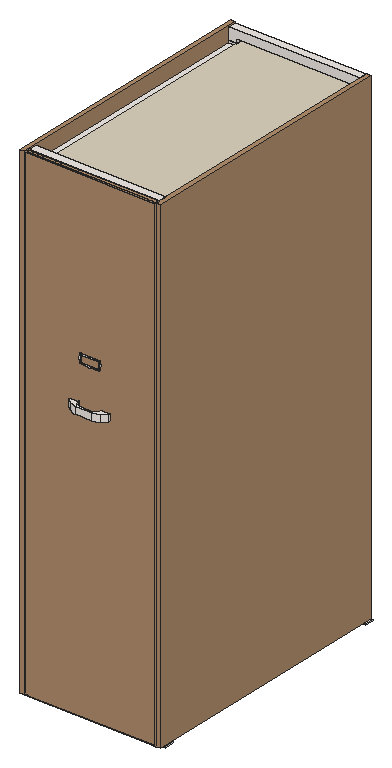
Revit family "MusicLibrarySystem_Wenger_6-Shelf_Single", category Furniture, Revit 2015
Parameters (values of type "Oversized")
  URL = "https://www.wengercorp.com/"
  Type Comments = "6 Shelf, Oversized, 1 Unit"
  Test Data = ""
  Specification = "http://www.arcat.com/sdspecs/htm04/12_35_83wen.htm"
  Show Open [instance] = no
  Shelf Finish = Wenger Oyster (Use Oyster Edge Band Only)
  Shelf Depth = 2' - 10 1/2"
  Sales Information = "https://www.wengercorp.com/contact-us.php"
  Revision = "R1_2018-04"
  Product Data = "http://www.arcat.com/arcatcos/cos36/arc36487.html"
  Model = "6 Shelf Oversized"
  Manufacturer Website = "https://www.wengercorp.com/"
  Manufacturer Phone - Toll Free = "800-4WENGER"
  Manufacturer Phone = "(507) 455-4100"
  Manufacturer Fax = "(507) 455-4258"
  Manufacturer Address = "555 Park Dr., Owatonna, MN 55060"
  Manufacturer = "Wenger Corporation"
  Keynote = "12 35 83"
  Green Building-LEED = "http://www.arcat.com/green/clients/leed_data_36487.html"
  Frame RH = yes
  Panel Thickness = 0' - 0 3/4"
  Panel RH [instance] = yes
  Panel LH [instance] = yes
  Panel Finish [instance] = Wenger Cherry (Use Cherry Edge Band Only)
  Open Position [instance] = if((Show Open), 6' 7 1/4", Depth)  # 3' - 7 1/4"
  Frame LH = yes
  Height to Bottom Shelf = 0' - 8"
  Height = 6' - 9 1/2"
  Tubular Frame Width = 0' - 1 1/2"
  Overall Width = 1' - 10"
  Hardware Finish = Metal - White Powdercoat
  Frame Finish = Metal - White Powdercoat
  Floor Offset = 0' - 0 1/8"
  Edge Banding Finish = Wenger Cherry (Use Cherry Edge Band Only)
  Drawn By = "Sumex Design, Inc. / Robert S. Weygant, CSI, CDT, SCIP"
  Description = "Wenger 6 Shelf Oversized Music Library System"
  Depth = 3' - 7 1/4"
  Cost = 0
  Copyright = "© 2018 Arcat Inc."
  Construction Details = "http://www.arcat.com/details/wengerco/wengerco.html?coid=36487"
  Assembly Code = "E2010200"
Types (2): name | Type Comments | Model | Overall Width | Description
  Oversized | "6 Shelf, Oversized, 1 Unit" | "6 Shelf Oversized" | 1' - 10" | "Wenger 6 Shelf Oversized Music Library System"
  UltraStor | "6 Shelf, Standard, 1 Unit" | "6 Shelf Standard" | 1' - 7" | "Wenger 6 Shelf Standard Music Library System"
Reference planes (in)
  plane 1 "Center (Front/Back)": y = 0.125
  plane 2: z = 0
  plane 3 "Center (Left/Right)": x = 0
  plane 4 "Frame Back": y = 21.75
  plane 5 "Frame Front": y = -21.5
  plane 6 "LEFT ECP INSIDE": x = -9.5
  plane 7 "LEFT ECP OUTSIDE": x = -11
  plane 8 "RIGHT ECP INSIDE": x = 9.5
  plane 9 "RIGHT ECP OUTSIDE": x = 11
  plane 10 "Top": z = 81.5
  plane 11: z = 57.2
  plane 12: z = 44.9
  plane 13: z = 32.6
  plane 14: z = 20.3
  plane 15 "Bottom Shelf": z = 8
  plane 16: z = 69.5
  plane 17 "Carriage Front": y = -21.5
  plane 18 "Carriage Back": y = 13
  plane 19 "Door Front": y = -22.25
  plane 20: y = 20.25
  plane 21: y = -20
  plane 22: z = 8.75
  plane 23: z = 7.25
  plane 24: z = 79.5
  plane 25 "Handle Height": z = 46.125
  plane 26: y = -23.625
  plane 27: z = 53.125
  plane 28 "BO Frame": z = 0.125
  plane 29: x = -11.75
  plane 30: x = 11.75
Forms (in)
  Extrusion 1, solid, material "Metal - White Powdercoat" <- "Frame Finish", visible <- "Frame LH"
    sketch origin (0, 0, 0) x (1, 0, 0) y (0, 1, 0)
      loop
        line (-11, 21.75) -> (-11, 20.25) -> (-9.5, 20.25) -> (-9.5, 21.75) -> (-11, 21.75)
      loop
        line (-10.9375, 21.6875) -> (-10.9375, 20.3125) -> (-9.5625, 20.3125) -> (-9.5625, 21.6875) -> (-10.9375, 21.6875)
      loop
        line (-11, -20) -> (-11, -21.5) -> (-9.5, -21.5) -> (-9.5, -20) -> (-11, -20)
      loop
        line (-10.9375, -20.0625) -> (-10.9375, -21.4375) -> (-9.5625, -21.4375) -> (-9.5625, -20.0625) -> (-10.9375, -20.0625)
    from 0.125 to 79.5
  Extrusion 2, solid, material "Metal - White Powdercoat" <- "Frame Finish", visible <- "Frame RH"
    sketch origin (17.5, 0, 0) x (1, 0, 0) y (0, 1, 0)
      loop
        line (-8, 21.75) -> (-8, 20.25) -> (-6.5, 20.25) -> (-6.5, 21.75) -> (-8, 21.75)
      loop
        line (-7.9375, 21.6875) -> (-7.9375, 20.3125) -> (-6.5625, 20.3125) -> (-6.5625, 21.6875) -> (-7.9375, 21.6875)
      loop
        line (-8, -20) -> (-8, -21.5) -> (-6.5, -21.5) -> (-6.5, -20) -> (-8, -20)
      loop
        line (-7.9375, -20.0625) -> (-7.9375, -21.4375) -> (-6.5625, -21.4375) -> (-6.5625, -20.0625) -> (-7.9375, -20.0625)
    from 0.125 to 79.5
  Extrusion 3, solid, material "Wenger Cherry (Use Cherry Edge Band Only)" <- "Panel Finish"
    sketch origin (0, -21.5, 0) x (0, 0, 1) y (-1, 0, 0)
      loop
        line (81.5, 11) -> (0.125, 11) -> (0.125, -11) -> (81.5, -11) -> (81.5, 11)
    from 0 to 0.75 <- "Panel Thickness"
  Sweep 4, void
    path in 3D
      loop
        line (-11, -22.25, 0.125) -> (11, -22.25, 0.125) -> (11, -22.25, 81.5) -> (-11, -22.25, 81.5) -> (-11, -22.25, 0.125)
    profile origin (-11, -22.25, 40.8125) x (-1, 0, 0) y (0, -1, 0)
      loop
        line (0, 0) -> (-0.125, 0)
        arc (-0.125, 0) -> (-0.0366117, -0.0366117) -> (0, -0.125) r 0.125
        line (0, -0.125) -> (0, 0)
      loop
        line (0, -0.75) -> (0, -0.625)
        arc (0, -0.625) -> (-0.0366117, -0.7133883) -> (-0.125, -0.75) r 0.125
        line (-0.125, -0.75) -> (0, -0.75)
  Extrusion 5, solid, material "Metal - White Powdercoat" <- "Frame Finish", visible <- "Frame LH"
    sketch origin (0, 0.125, 0) x (1, 0, 0) y (0, 0, 1)
      loop
        line (-11, 8.75) -> (-11, 7.25) -> (-9.5, 7.25) -> (-9.5, 8.75) -> (-11, 8.75)
      loop
        line (-11, 79.125) -> (-11, 77.625) -> (-9.5, 77.625) -> (-9.5, 79.125) -> (-11, 79.125)
    from -20.125 to 20.125
  Extrusion 6, solid, material "Metal - White Powdercoat" <- "Frame Finish", visible <- "Frame RH"
    sketch origin (17.5, 0.125, 0) x (1, 0, 0) y (0, 0, 1)
      loop
        line (-8, 8.75) -> (-8, 7.25) -> (-6.5, 7.25) -> (-6.5, 8.75) -> (-8, 8.75)
      loop
        line (-8, 79.125) -> (-8, 77.625) -> (-6.5, 77.625) -> (-6.5, 79.125) -> (-8, 79.125)
    from -20.125 to 20.125
  Extrusion 7, solid, material "Wenger Oyster (Use Oyster Edge Band Only)" <- "Shelf Finish", detail levels medium+fine
    sketch origin (0, 13, 0) x (0, 0, 1) y (-1, 0, 0)
      loop
        line (20.3, 9.5) -> (19.55, 9.5) -> (19.55, -9.5) -> (20.3, -9.5) -> (20.3, 9.5)
      loop
        line (32.6, 9.5) -> (31.85, 9.5) -> (31.85, -9.5) -> (32.6, -9.5) -> (32.6, 9.5)
      loop
        line (44.9, 9.5) -> (44.15, 9.5) -> (44.15, -9.5) -> (44.9, -9.5) -> (44.9, 9.5)
      loop
        line (57.2, 9.5) -> (56.45, 9.5) -> (56.45, -9.5) -> (57.2, -9.5) -> (57.2, 9.5)
      loop
        line (69.5, 9.5) -> (68.75, 9.5) -> (68.75, -9.5) -> (69.5, -9.5) -> (69.5, 9.5)
    from 0 to 34.5
  Extrusion 8, solid, material "Wenger Oyster (Use Oyster Edge Band Only)" <- "Shelf Finish"
    sketch origin (0, 13, 0) x (0, 0, 1) y (-1, 0, 0)
      loop
        line (79.5, 9.5) -> (78.75, 9.5) -> (78.75, -9.5) -> (79.5, -9.5) -> (79.5, 9.5)
      loop
        line (8, 9.5) -> (7.25, 9.5) -> (7.25, -9.5) -> (8, -9.5) -> (8, 9.5)
    from -8.75 to 34.5
  Extrusion 9, solid, material "Wenger Oyster (Use Oyster Edge Band Only)" <- "Shelf Finish"
    sketch origin (0, 0, 8) x (0, 1, 0) y (-1, 0, 0)
      loop
        line (13, 9.5) -> (13, -9.5) -> (13.75, -9.5) -> (13.75, 9.5) -> (13, 9.5)
    from 0 to 70.75
  Extrusion 10, solid, material "Metal - White Powdercoat" <- "Hardware Finish", detail levels fine
    sketch origin (0, 0, 46.125) x (-1, 0, 0) y (0, -1, 0)
      loop
        line (-3.305, 22.25) -> (-1.93, 22.25) -> (-1.93, 22.5) -> (-1.5825311, 22.996237)
        arc (-1.5825311, 22.996237) -> (-1.3814917, 23.1725438) -> (-1.1217581, 23.2361002) r 0.5625
        line (-1.1217581, 23.2361002) -> (1.1224953, 23.2361002)
        arc (1.1224953, 23.2361002) -> (1.381575, 23.1727038) -> (1.5821083, 22.9968408) r 0.5610839
        line (1.5821083, 22.9968408) -> (1.93, 22.5) -> (1.93, 22.25) -> (3.305, 22.25) -> (3.305, 22.5) -> (2.4964469, 23.198928)
        arc (2.4964469, 23.198928) -> (1.9626034, 23.5150265) -> (1.3520193, 23.625) r 1.75
        line (1.3520193, 23.625) -> (-1.3520193, 23.625)
        arc (-1.3520193, 23.625) -> (-1.9626034, 23.5150265) -> (-2.4964469, 23.198928) r 1.75
        line (-2.4964469, 23.198928) -> (-3.305, 22.5) -> (-3.305, 22.25)
    from 0 to 1.125
  Extrusion 11, solid, material "Metal - White Powdercoat" <- "Hardware Finish", detail levels fine
    sketch origin (0, -22.25, 0) x (0, 0, 1) y (-1, 0, 0)
      loop
        line (53.125, 1.5625) -> (53.125, 0.25)
        arc (53.125, 0.25) -> (53, 0) -> (53.125, -0.25) r 0.3125
        line (53.125, -0.25) -> (53.125, -1.5625)
        arc (53.125, -1.5625) -> (53.1433058, -1.6066942) -> (53.1875, -1.625) r 0.0625
        line (53.1875, -1.625) -> (53.625, -1.625)
        arc (53.625, -1.625) -> (53.875, -1.75) -> (54.125, -1.625) r 0.3125
        line (54.125, -1.625) -> (54.5625, -1.625)
        arc (54.5625, -1.625) -> (54.6066942, -1.6066942) -> (54.625, -1.5625) r 0.0625
        line (54.625, -1.5625) -> (54.625, 1.5625)
        arc (54.625, 1.5625) -> (54.6066942, 1.6066942) -> (54.5625, 1.625) r 0.0625
        line (54.5625, 1.625) -> (54.125, 1.625)
        arc (54.125, 1.625) -> (53.875, 1.75) -> (53.625, 1.625) r 0.3125
        line (53.625, 1.625) -> (53.1875, 1.625)
        arc (53.1875, 1.625) -> (53.1433058, 1.6066942) -> (53.125, 1.5625) r 0.0625
      loop
        line (54.5, -1.4375) -> (54.5, 1.4375)
        arc (54.5, 1.4375) -> (54.4816942, 1.4816942) -> (54.4375, 1.5) r 0.0625
        line (54.4375, 1.5) -> (53.3125, 1.5)
        arc (53.3125, 1.5) -> (53.2683058, 1.4816942) -> (53.25, 1.4375) r 0.0625
        line (53.25, 1.4375) -> (53.25, -1.4375)
        arc (53.25, -1.4375) -> (53.2683058, -1.4816942) -> (53.3125, -1.5) r 0.0625
        line (53.3125, -1.5) -> (54.4375, -1.5)
        arc (54.4375, -1.5) -> (54.4816942, -1.4816942) -> (54.5, -1.4375) r 0.0625
    from 0 to 0.125
  Extrusion 12, solid, material "Metal - White Powdercoat" <- "Frame Finish", visible <- "Frame LH", detail levels medium+fine
    sketch origin (0, 0, 0) x (1, 0, 0) y (0, 1, 0)
      loop
        line (-12, 21.75) -> (-12, 20.25) -> (-8.5, 20.25) -> (-8.5, 21.75) -> (-12, 21.75)
      loop
        line (-12, -20) -> (-12, -21.5) -> (-8.5, -21.5) -> (-8.5, -20) -> (-12, -20)
    from 0 to 0.125
  Extrusion 13, solid, material "Metal - White Powdercoat" <- "Frame Finish", visible <- "Frame RH", detail levels medium+fine
    sketch origin (17.5, 0, 0) x (1, 0, 0) y (0, 1, 0)
      loop
        line (-9, 21.75) -> (-9, 20.25) -> (-5.5, 20.25) -> (-5.5, 21.75) -> (-9, 21.75)
      loop
        line (-9, -20) -> (-9, -21.5) -> (-5.5, -21.5) -> (-5.5, -20) -> (-9, -20)
    from 0 to 0.125
  Sweep 14, solid, material "Metal - White Powdercoat" <- "Frame Finish"
    path origin (0, -22.25, 0) x (0, 0, 1) y (-1, 0, 0)
      loop
        line (79.5, 11) -> (81.5, 11) -> (81.5, -11) -> (78.4299589, -11)
    profile origin (-11, -22.25, 80.5) x (-1, 0, 0) y (0, -1, 0)
      loop
        line (-0.0625, -2.1875) -> (-0.0625, -0.8125) -> (-1.4375, -0.8125) -> (-1.4375, -2.1875) -> (-0.0625, -2.1875)
      loop
        line (-0.0625, -42.5625) -> (-1.4375, -42.5625) -> (-1.4375, -43.9375) -> (-0.0625, -43.9375) -> (-0.0625, -42.5625)
  Extrusion 15, solid, material "Wenger Cherry (Use Cherry Edge Band Only)" <- "Panel Finish", visible <- "Panel LH"
    sketch origin (0, 0, 0.125) x (-1, 0, 0) y (0, -1, 0)
      loop
        line (11.75, -21.75) -> (11.75, 22.25) -> (11, 22.25) -> (11, -21.75) -> (11.75, -21.75)
    from 0 to 81.375
  Extrusion 16, solid, material "Wenger Cherry (Use Cherry Edge Band Only)" <- "Panel Finish", visible <- "Panel RH"
    sketch origin (0, 0, 0.125) x (-1, 0, 0) y (0, -1, 0)
      loop
        line (-11, -21.75) -> (-11, 22.25) -> (-11.75, 22.25) -> (-11.75, -21.75) -> (-11, -21.75)
    from 0 to 81.375
Cuts and joins
  Sweep 4 cuts Extrusion 3
Lines and regions (in)
  Masking region 1
    outline origin (0, 0, 81.5) x (0, -1, 0) y (1, 0, 0)
      loop
        line (-21.75, -11.75) -> (21.5, -11.75) -> (21.5, 11.75) -> (-21.75, 11.75) -> (-21.75, -11.75)
  Masking region 2, visible <- "Panel LH"
    outline origin (0, 0, 81.5) x (0, -1, 0) y (1, 0, 0)
      loop
        line (-21.75, -11.75) -> (21.5, -11.75) -> (21.5, -11) -> (-21.75, -11) -> (-21.75, -11.75)
  Masking region 3, visible <- "Panel RH"
    outline origin (0, 0, 81.5) x (0, -1, 0) y (1, 0, 0)
      loop
        line (-21.75, 11) -> (21.5, 11) -> (21.5, 11.75) -> (-21.75, 11.75) -> (-21.75, 11)
  sketch lines
    curve 1: line (-11, -22.25, 81.5) -> (-11, -22.25, 0.125)
    curve 2: line (11, -22.25, 81.5) -> (-11, -22.25, 81.5)
    curve 3: line (11, -22.25, 0.125) -> (11, -22.25, 81.5)
    curve 4: line (-11, -22.25, 0.125) -> (11, -22.25, 0.125)
Dimensions and locks (in)
  "Tubular Frame Width": plane 7 "LEFT ECP OUTSIDE" to plane 6 "LEFT ECP INSIDE"
  "Tubular Frame Width": plane 8 "RIGHT ECP INSIDE" to plane 9 "RIGHT ECP OUTSIDE"
  equal spacing: plane 6 "LEFT ECP INSIDE", plane 3 "Center (Left/Right)", plane 8 "RIGHT ECP INSIDE"
  "Overall Width": plane 7 "LEFT ECP OUTSIDE" to plane 9 "RIGHT ECP OUTSIDE"
  equal spacing: plane 16, plane 11, plane 12, plane 13, plane 14, plane 15 "Bottom Shelf"
  "Height to Bottom Shelf": plane 15 "Bottom Shelf" to plane 2
  plane 10 "Top" to plane 16 = 1' - 0"
  "Depth": plane 4 "Frame Back" to plane 5 "Frame Front"
  "Shelf Depth": plane 18 "Carriage Back" to plane 17 "Carriage Front"
  "Open Position": plane 4 "Frame Back" to plane 17 "Carriage Front"
  "Panel Thickness": plane 17 "Carriage Front" to plane 19 "Door Front"
  "Tubular Frame Width": plane 4 "Frame Back" to plane 20
  "Tubular Frame Width": plane 21 to plane 5 "Frame Front"
  equal spacing: plane 4 "Frame Back", plane 1 "Center (Front/Back)", plane 5 "Frame Front"
  "Tubular Frame Width": plane 22 to plane 23
  equal spacing: plane 22, plane 15 "Bottom Shelf", plane 23
  "Tubular Frame Width": Extrusion 5 sketch curve to Extrusion 5 sketch curve
  "Tubular Frame Width": Extrusion 6 sketch curve to Extrusion 6 sketch curve
  "Panel Thickness": plane 14 to Extrusion 7 sketch curve
  "Panel Thickness": plane 13 to Extrusion 7 sketch curve
  "Panel Thickness": plane 12 to Extrusion 7 sketch curve
  "Panel Thickness": plane 11 to Extrusion 7 sketch curve
  "Panel Thickness": plane 16 to Extrusion 7 sketch curve
  plane 10 "Top" to plane 24 = 0' - 2"
  locked: plane 24 to Extrusion 5 sketch curve at 0.375
  locked: plane 24 to Extrusion 6 sketch curve at 0.375
  "Panel Thickness": plane 24 to Extrusion 8 sketch curve
  "Depth": Extrusion 8 to plane 17 "Carriage Front"
  "Panel Thickness": plane 15 "Bottom Shelf" to Extrusion 8 sketch curve
  "Panel Thickness": plane 18 "Carriage Back" to Extrusion 9 sketch curve
  "Panel Thickness": plane 24 to Extrusion 9
  plane 25 "Handle Height" to plane 28 "BO Frame" = 3' - 10"
  locked: plane 26 to plane 19 "Door Front" at 1.375
  locked: Extrusion 10 to plane 25 "Handle Height" at 1.125
  locked: plane 27 to plane 25 "Handle Height" at 7
  Extrusion 10 sketch curve to Extrusion 10 sketch curve to plane 3 "Center (Left/Right)" to Extrusion 10 sketch curve to Extrusion 10 sketch curve = 0' - 1 3/8" locked, 0' - 1.93" locked, 0' - 1.93" locked, 0' - 1 3/8" locked
  locked: Extrusion 10 sketch curve to Extrusion 10 sketch curve at 0.3888998
  "Floor Offset": plane 28 "BO Frame" to level
  "Height": plane 10 "Top" to level
  locked: plane 6 "LEFT ECP INSIDE" to Extrusion 12 sketch curve at 1  (x2)
  locked: Extrusion 12 sketch curve to plane 7 "LEFT ECP OUTSIDE" at 1  (x2)
  "Panel Thickness": plane 29 to plane 7 "LEFT ECP OUTSIDE"
  "Panel Thickness": plane 9 "RIGHT ECP OUTSIDE" to plane 30
  "Panel Thickness": plane 5 "Frame Front" to Extrusion 15 sketch curve
  "Panel Thickness": plane 5 "Frame Front" to Extrusion 16 sketch curve
  "Depth": plane 4 "Frame Back" to Masking region 1 sketch curve
  aligned and locked: plane 2 to level
  aligned and locked: plane 7 "LEFT ECP OUTSIDE" to Extrusion 1 sketch curve  (x2)
  aligned and locked: Extrusion 1 sketch curve to plane 6 "LEFT ECP INSIDE"  (x2)
  aligned and locked: Extrusion 1 sketch curve to plane 4 "Frame Back"
  aligned and locked: plane 20 to Extrusion 1 sketch curve
  aligned and locked: Extrusion 1 sketch curve to plane 21
  aligned and locked: plane 5 "Frame Front" to Extrusion 1 sketch curve
  aligned and locked: Extrusion 2 sketch curve to plane 4 "Frame Back"
  aligned and locked: Extrusion 2 sketch curve to plane 9 "RIGHT ECP OUTSIDE"  (x2)
  aligned and locked: plane 20 to Extrusion 2 sketch curve
  aligned and locked: plane 8 "RIGHT ECP INSIDE" to Extrusion 2 sketch curve  (x2)
  aligned and locked: Extrusion 2 sketch curve to plane 21
  aligned and locked: plane 5 "Frame Front" to Extrusion 2 sketch curve
  aligned and locked: plane 7 "LEFT ECP OUTSIDE" to Extrusion 3 sketch curve
  aligned and locked: Extrusion 3 sketch curve to plane 10 "Top"
  aligned and locked: Extrusion 3 sketch curve to plane 9 "RIGHT ECP OUTSIDE"
  aligned and locked: Extrusion 5 sketch curve to plane 22
  aligned and locked: plane 23 to Extrusion 5 sketch curve
  aligned and locked: Extrusion 5 to plane 21
  aligned and locked: plane 20 to Extrusion 5
  aligned and locked: plane 8 "RIGHT ECP INSIDE" to Extrusion 6 sketch curve  (x2)
  aligned and locked: Extrusion 6 sketch curve to plane 9 "RIGHT ECP OUTSIDE"  (x2)
  aligned and locked: Extrusion 6 sketch curve to plane 22
  aligned and locked: plane 23 to Extrusion 6 sketch curve
  aligned and locked: plane 20 to Extrusion 6
  aligned and locked: Extrusion 6 to plane 21
  aligned and locked: Extrusion 7 sketch curve to plane 16
  aligned and locked: Extrusion 7 sketch curve to plane 11
  aligned and locked: Extrusion 7 sketch curve to plane 12
  aligned and locked: Extrusion 7 sketch curve to plane 13
  aligned and locked: Extrusion 7 sketch curve to plane 14
  aligned and locked: plane 6 "LEFT ECP INSIDE" to Extrusion 7 sketch curve  (x5)
  aligned and locked: Extrusion 7 sketch curve to plane 8 "RIGHT ECP INSIDE"  (x5)
  aligned and locked: plane 17 "Carriage Front" to Extrusion 7
  aligned and locked: plane 24 to Extrusion 2
  aligned and locked: plane 24 to Extrusion 1
  aligned and locked: Extrusion 8 sketch curve to plane 24
  aligned and locked: plane 6 "LEFT ECP INSIDE" to Extrusion 8 sketch curve  (x2)
  aligned and locked: Extrusion 8 sketch curve to plane 8 "RIGHT ECP INSIDE"  (x2)
  aligned and locked: plane 17 "Carriage Front" to Extrusion 8
  aligned and locked: Extrusion 8 sketch curve to plane 15 "Bottom Shelf"
  aligned and locked: Extrusion 9 sketch curve to plane 6 "LEFT ECP INSIDE"
  aligned and locked: plane 8 "RIGHT ECP INSIDE" to Extrusion 9 sketch curve
  aligned and locked: plane 18 "Carriage Back" to Extrusion 9 sketch curve
  aligned and locked: Extrusion 10 sketch curve to plane 19 "Door Front"
  aligned and locked: plane 19 "Door Front" to Extrusion 10 sketch curve
  aligned and locked: Extrusion 10 sketch curve to plane 26
  aligned and locked: plane 28 "BO Frame" to Extrusion 3 sketch curve
  aligned and locked: Extrusion 1 to plane 28 "BO Frame"
  aligned and locked: Extrusion 2 to Extrusion 1
  aligned and locked: plane 20 to Extrusion 12 sketch curve
  aligned and locked: Extrusion 12 sketch curve to plane 4 "Frame Back"
  aligned and locked: Extrusion 12 sketch curve to plane 21
  aligned and locked: plane 5 "Frame Front" to Extrusion 12 sketch curve
  aligned and locked: Extrusion 12 to level
  aligned and locked: plane 28 "BO Frame" to Extrusion 12
  aligned and locked: plane 28 "BO Frame" to Extrusion 13
  aligned and locked: Extrusion 13 to level
  aligned and locked: Sweep 14 sketch curve to plane 9 "RIGHT ECP OUTSIDE"
  aligned and locked: Sweep 14 sketch curve to plane 10 "Top"
  aligned and locked: plane 7 "LEFT ECP OUTSIDE" to Sweep 14 sketch curve
  aligned and locked: Sweep 14 sketch curve to Extrusion 1  (x8)
  aligned and locked: plane 29 to Extrusion 15 sketch curve
  aligned and locked: Extrusion 15 sketch curve to plane 7 "LEFT ECP OUTSIDE"
  aligned and locked: Extrusion 15 sketch curve to plane 4 "Frame Back"
  aligned and locked: plane 10 "Top" to Extrusion 15
  aligned and locked: Extrusion 15 to plane 28 "BO Frame"
  aligned and locked: plane 9 "RIGHT ECP OUTSIDE" to Extrusion 16 sketch curve
  aligned and locked: Extrusion 16 sketch curve to plane 30
  aligned and locked: Extrusion 16 sketch curve to plane 4 "Frame Back"
  aligned and locked: Extrusion 16 to plane 28 "BO Frame"
  aligned and locked: plane 10 "Top" to Extrusion 16
  aligned and locked: Extrusion 5 sketch curve to plane 6 "LEFT ECP INSIDE"
  aligned and locked: plane 7 "LEFT ECP OUTSIDE" to Extrusion 5 sketch curve
  aligned and locked: Masking region 1 sketch curve to Extrusion 15
  aligned and locked: Masking region 2 sketch curve to plane 4 "Frame Back"
  aligned and locked: plane 29 to Masking region 2 sketch curve
  aligned and locked: Masking region 2 sketch curve to plane 7 "LEFT ECP OUTSIDE"
  aligned and locked: plane 5 "Frame Front" to Masking region 2 sketch curve
  aligned and locked: plane 29 to Masking region 1 sketch curve
  aligned and locked: Masking region 1 sketch curve to plane 30
  aligned and locked: Masking region 3 sketch curve to plane 4 "Frame Back"
  aligned and locked: plane 9 "RIGHT ECP OUTSIDE" to Masking region 3 sketch curve
  aligned and locked: Masking region 3 sketch curve to plane 30
  aligned and locked: plane 5 "Frame Front" to Masking region 3 sketch curve
  aligned and locked: plane 1 "Center (Front/Back)" to nested 1
  aligned and locked: plane 3 "Center (Left/Right)" to nested 1
Automatic sketch dimensions
  plane 7 "LEFT ECP OUTSIDE" to Extrusion 1 sketch curve = 0' - 0 1/16"  (x2)
  Extrusion 1 sketch curve to plane 6 "LEFT ECP INSIDE" = 0' - 0 1/16"  (x2)
  plane 5 "Frame Front" to Extrusion 1 sketch curve = 0' - 0 1/16"
  Extrusion 1 sketch curve to plane 21 = 0' - 0 1/16"
  plane 20 to Extrusion 1 sketch curve = 0' - 0 1/16"
  Extrusion 1 sketch curve to plane 4 "Frame Back" = 0' - 0 1/16"
  plane 8 "RIGHT ECP INSIDE" to Extrusion 2 sketch curve = 0' - 0 1/16"  (x2)
  Extrusion 2 sketch curve to plane 9 "RIGHT ECP OUTSIDE" = 0' - 0 1/16"  (x2)
  plane 5 "Frame Front" to Extrusion 2 sketch curve = 0' - 0 1/16"
  Extrusion 2 sketch curve to plane 21 = 0' - 0 1/16"
  plane 20 to Extrusion 2 sketch curve = 0' - 0 1/16"
  Extrusion 2 sketch curve to plane 4 "Frame Back" = 0' - 0 1/16"
  Sweep 4 sketch curve to profile plane = 0' - 0"  (x3)
  Sweep 4 sketch curve to Sweep 4 sketch curve = 0' - 0 1/8"
  profile plane to Sweep 4 sketch curve = 0' - 0 1/8"
  Sweep 4 sketch curve to Sweep 4 sketch curve = 0' - 0 1/2"
  Extrusion 5 sketch curve to plane 7 "LEFT ECP OUTSIDE" = 0' - 0"
  Extrusion 5 sketch curve to plane 6 "LEFT ECP INSIDE" = 0' - 0"
  plane 26 to Extrusion 10 sketch curve = 0' - 0.42607"  (x2)
  Extrusion 10 sketch curve to Extrusion 10 sketch curve = 0' - 0.56645"  (x2)
  plane 26 to Extrusion 10 sketch curve = 0' - 0.62876"
  Extrusion 10 sketch curve to Extrusion 10 sketch curve = 0' - 0.34747"
  plane 17 "Carriage Front" to Extrusion 10 sketch curve = 0' - 0 3/8"
  plane 19 "Door Front" to Extrusion 10 sketch curve = 0' - 0.4236"
  Extrusion 10 sketch curve to Extrusion 10 sketch curve = 0' - 0.8075"
  Extrusion 10 sketch curve to Extrusion 10 sketch curve = 0' - 0.22952"
  plane 26 to Extrusion 10 sketch curve = 0' - 0.62816"
  Extrusion 10 sketch curve to Extrusion 10 sketch curve = 0' - 0.45961"
  plane 19 "Door Front" to Extrusion 10 sketch curve = 0' - 0 1/4"  (x4)
  Extrusion 11 sketch curve to plane 27 = 0' - 0"  (x2)
  Extrusion 11 sketch curve to plane 3 "Center (Left/Right)" = 0' - 0"
  Extrusion 11 sketch curve to Extrusion 11 sketch curve = 0' - 0 1/16"  (x7)
  plane 27 to Extrusion 11 sketch curve = 0' - 0 1/8"
  plane 27 to Extrusion 11 sketch curve = 0' - 0 3/16"
  Extrusion 11 sketch curve to Extrusion 11 sketch curve = 0' - 0 5/16"  (x4)
  Extrusion 11 sketch curve to Extrusion 11 sketch curve = 0' - 0 1/4"  (x4)
  Extrusion 11 sketch curve to Extrusion 11 sketch curve = 0' - 0 1/8"  (x3)
  plane 3 "Center (Left/Right)" to Extrusion 11 sketch curve = 0' - 0 1/4"
  Extrusion 11 sketch curve to Extrusion 11 sketch curve = 0' - 1 3/16"
  Extrusion 11 sketch curve to Extrusion 11 sketch curve = 0' - 0"  (x2)
  Extrusion 11 sketch curve to plane 3 "Center (Left/Right)" = 0' - 1 7/16"
  Extrusion 13 sketch curve to plane 4 "Frame Back" = 0' - 0"
  Extrusion 13 sketch curve to plane 5 "Frame Front" = 0' - 0"
  Extrusion 13 sketch curve to plane 20 = 0' - 0"
  Extrusion 13 sketch curve to plane 21 = 0' - 0"
  Extrusion 13 sketch curve to plane 8 "RIGHT ECP INSIDE" = 0' - 1"  (x2)
  plane 9 "RIGHT ECP OUTSIDE" to Extrusion 13 sketch curve = 0' - 1"  (x2)
  Sweep 14 sketch curve to plane 24 = 0' - 0"
  Sweep 14 sketch curve to plane 24 = 0' - 1.07004"
Nested families (in)
  nested 1: "Labels" at (0, 0.125, 0), type "Labels"
Definition of nested family "Labels"
  Parameters (values of type "Labels")
    Cabinet Label = "#53N"
  Reference planes (in)
    plane 1: y = 0
    plane 2: x = 0
  Text (in)
    label "xxxx" at (-0.0001827, 0.007539, 0), shows "Cabinet Label"
